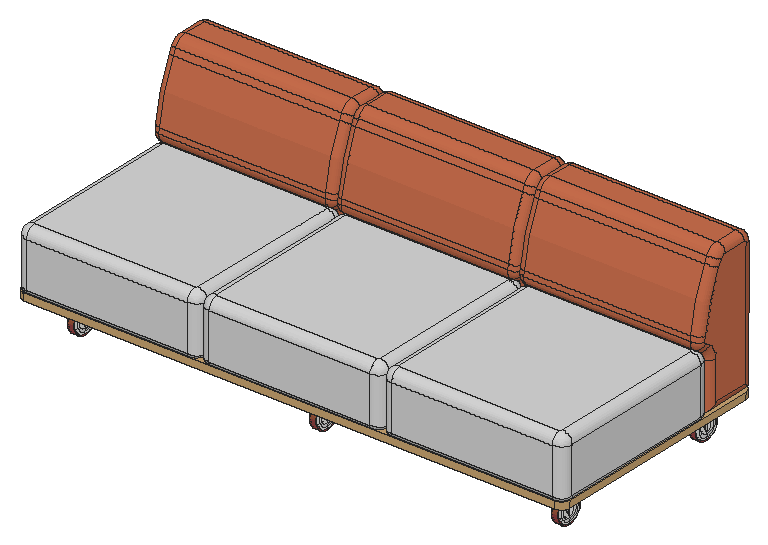
Revit family "DBLTD_TheSenatorGroup_OffcChrs_Mayze_Motion_US", category Furniture, Revit 2019
Family settings
  Work Plane-Based = No
  Always vertical = Yes
  Cut with Voids When Loaded = No
  Shared = Yes
  Room Calculation Point = No
Parameters (values of type "3 Seater Sofa")
  WoodStains = "n/a"
  WarrantyStartDate [instance] = "1900-12-31T23:59:59"
  WarrantyGuarantorParts = "sales@allermuir.com"
  WarrantyGuarantorLabor = "sales@allermuir.com"
  WarrantyDurationUnit = "year"
  WarrantyDurationParts = "5"
  WarrantyDurationLabor = "5"
  WarrantyDescription = "Allermuir warrants that its manufactured products are free from manufacturing defects - in materials or workmanship - for a period of five (5) years.\r\nAllermuir will repair, or replace (at Allermuir’s sole discretion) with comparable free of charge materials/ components, any product/ component which fails under normal use in a single shift environment, as a result of a defect in the materials and/or workmanship.\r\n\r\nExceptions -\r\nNon-standard product - 2 years\r\nScreen-mounted Accessories/ Dry-wipe Boards - 2 years\r\nElectrical and/or electronic componentry - 2 years\r\n\r\nExclusions - Allermuir does not warrant:\r\nFailure due to normal “Wear and Tear”.\r\nNatural variations in appearance of wood - its grain, figure and colour.\r\nChanges in surface appearance resulting from exposure to light, and the natural ageing process of wood.\r\nChanges in surface appearance resulting from the misuse of cleaning materials and methods/ damage form sharp objects/ imprinting from writing implements.\r\nNatural variations in Leather - its marks, scars and wrinkles.\r\nProduct stored/ exposed to extreme operational conditions.\r\nConsumable components such as Fuses/ Lights/ lamps/ transformers/etc.\r\nOther Manufacturer’s product supplied by Allermuir (their own warranty shall apply where possible).\r\nNon-standard fabrics/ finishes or veneers used. Allermuir only checks the manufacturing quality of Customer’s\r\nOwn Material (COM) and provides no warranty for the finish/ fabric itself.\r\nProduct which has not been installed/ moved/ reconfigured by Allermuir approved personnel.\r\nAllermuir shall be under no liability whatsoever for any consequential damage, loss or other expenses whether arising out of contract, negligence or otherwise."
  Version = "1"  # constant formula
  Uniclass2015Version = "Products v1.15"
  Uniclass2015Title = "Office chairs"
  Uniclass2015Code = "Pr_40_50_12_57"
  URL = "https://www.thesenatorgroup.com/"
  Type Comments = "3 Seater Sofa"
  TagNumber [instance] = "n/a"
  SustainabilityPerformance = "n/a"
  Style = "Chair"
  Status = "UNSET"
  Size = "27.75\" (h) x 79.75\" (w) x 34.5\" (d)"
  Shape = "n/a"
  SerialNumber [instance] = "n/a"
  SeatingHeight = 388 mm
  SeatingBackCushionMaterial [instance] = TheSenatorGroup_Fabric_Orange
  SeatWidth = "79.75\""
  SeatOffet = 675 mm
  SeatMaterial [instance] = TheSenatorGroup_Fabric_Grey
  SeatFrameMaterial = TheSenatorGroup_Plywood_ClearFinish
  SeatDepth = "26.5\""
  Seat2Offset = 0 mm
  Revision = "n/a"
  ReplacementCost = "n/a"
  Reference = "n/a"
  ProductInformation = ""
  PlasticAndMetalFinish = "n/a"
  NominalWidth = 2025 mm
  NominalLength = 2025 mm
  NominalHeight = 705 mm  # constant formula
  NominalDepth = 875 mm  # constant formula
  Name = "OfficeChairs_Mayze_Motion_TheSenatorGroup"
  NBSReference = "45-35-20/330"
  NBSDescription = "Office chairs"
  NBSCertification = ""
  ModelReference = "3 Seater Sofa"
  ModelNumber = "MZE300C"
  Model = "MZE300C"
  Material = "Traditional carcass construction with tensioned seat support. 1\" Plywood Base."
  ManufacturerURL = "https://www.thesenatorgroup.com/"
  ManufacturerName = "The Senator Group"  # constant formula
  Manufacturer = "The Senator Group"
  MainColor = "n/a"
  LowestSeatingHeight = 0 mm
  Keynote = "Pr_40_50_12_57"
  IsBuiltIn = no
  Is3Seater = yes
  Is2Seater = yes
  InstallationDate [instance] = "1900-12-31T23:59:59"
  IfcExportType = "CHAIR"  # constant formula
  IfcExportAs = "IfcFurnitureType"  # constant formula
  HighestSeatingHeight = 0 mm
  Grade = "n/a"
  FrameFinish = "n/a"
  Finish = "Seat and Back Upholstered"
  Features = "The Mayze seating collection has gone mobile, available as single, two and three seats on castors. Engineered for commercial and public spaces that require flexibility."
  ExpectedLife = "5"
  DurationUnit = "year"
  Description = "3 Seater Sofa"
  Cost = 0
  Constituents = "n/a"
  Color = "Defined by Material Specified"
  CodePerformance = "n/a"
  Category = "Pr_40_50_12_57:Office chairs"
  BarCode [instance] = "n/a"
  BIMObjectName = "DBLTD_TheSenatorGroup_OfficeChairs_Mayze_Motion"
  Author = "Diane Butterworth Ltd"  # constant formula
  AssetType = "Movable"
  AssetIdentifier [instance] = "n/a"
  Assembly Code = "E2020200"
  AccessibilityPerformance = "n/a"
Types (4, lengths in mm): name | Type Comments | Size | SeatWidth | SeatOffet | Seat2Offset | NominalWidth | NominalLength | ModelReference | ModelNumber | Model | Is3Seater | Is2Seater | Description
  (no name) | "3 Seater Sofa" | "27.75\" (h) x 79.75\" (w) x 34.5\" (d)" | "79.75\"" | 675 | 0 | 2025 | 2025 | "3 Seater Sofa" | "MZE300C" | "MZE300C" | yes | yes | "3 Seater Sofa"
  Single Seater Sofa | "Single Seater Sofa" | "27.75\" (h) x 26.5\" (w) x 34.5\" (d)" | "26.5\"" | 0 | 0 | 675 | 675 | "Single Seater Sofa" | "MZE100C" | "MZE100C" | no | no | "Single Seater Sofa"
  2 Seater Sofa | "2 Seater Sofa" | "27.75\" (h) x 52.25\" (w) x 34.5\" (d)" | "52.25\"" | 337.5 | 337.5 | 1350 | 1350 | "2 Seater Sofa" | "MZE200C" | "MZE200C" | no | yes | "2 Seater Sofa"
  3 Seater Sofa | "3 Seater Sofa" | "27.75\" (h) x 79.75\" (w) x 34.5\" (d)" | "79.75\"" | 675 | 0 | 2025 | 2025 | "3 Seater Sofa" | "MZE300C" | "MZE300C" | yes | yes | "3 Seater Sofa"
Reference planes
  plane 1 "Center (Front/Back)": y = 0
  plane 2: z = 0
  plane 3 "Center (Left/Right)": x = 0
  plane 4 "Left": x = -1012.5
  plane 5 "Right": x = 1012.5
  plane 6 "Back": y = 437.5
  plane 7 "Front": y = -437.5
  plane 8: z = 171.966
  plane 9: z = 148
Forms (mm)
  Extrusion 1, solid, material "TheSenatorGroup_Plywood_ClearFinish" <- "SeatFrameMaterial"
    sketch origin (0, 0, 0) x (1, 0, 0) y (0, 1, 0)
      loop
        arc (-982.5, 437.5) -> (-1003.713, 428.713) -> (-1012.5, 407.5) r 30
        line (-1012.5, 407.5) -> (-1012.5, -407.5)
        arc (-1012.5, -407.5) -> (-1003.713, -428.713) -> (-982.5, -437.5) r 30
        line (-982.5, -437.5) -> (982.5, -437.5)
        arc (982.5, -437.5) -> (1003.713, -428.713) -> (1012.5, -407.5) r 30
        line (1012.5, -407.5) -> (1012.5, 407.5)
        arc (1012.5, 407.5) -> (1003.713, 428.713) -> (982.5, 437.5) r 30
        line (982.5, 437.5) -> (-982.5, 437.5)
    from 148 to 172
Dimensions and locks
  equal spacing: plane 4 "Left", plane 3 "Center (Left/Right)", plane 5 "Right"
  "NominalWidth": plane 4 "Left" to plane 5 "Right"
  equal spacing: plane 7 "Front", plane 1 "Center (Front/Back)", plane 6 "Back"
  "NominalDepth": plane 7 "Front" to plane 6 "Back"
  "SeatOffet": nested 2 to plane 3 "Center (Left/Right)"
  "Seat2Offset": plane 3 "Center (Left/Right)" to nested 4
  locked: nested 4 to nested 6 at 675
  aligned and locked: level to plane 2
  aligned and locked: nested 1 to plane 7 "Front"
  aligned and locked: plane 6 "Back" to nested 2
  aligned and locked: Extrusion 1 sketch curve to plane 6 "Back"
  aligned and locked: plane 4 "Left" to Extrusion 1 sketch curve
  aligned and locked: Extrusion 1 sketch curve to plane 7 "Front"
  aligned and locked: plane 5 "Right" to Extrusion 1 sketch curve
  aligned and locked: nested 1 to nested 2
  aligned and locked: nested 3 to nested 4
  aligned and locked: nested 5 to nested 6
  aligned and locked: plane 4 "Left" to nested 7
  aligned and locked: plane 5 "Right" to nested 8
  aligned and locked: plane 4 "Left" to nested 9
  aligned and locked: plane 5 "Right" to nested 10
  aligned and locked: plane 3 "Center (Left/Right)" to nested 12
  aligned and locked: plane 3 "Center (Left/Right)" to nested 11
Automatic sketch dimensions
  plane 4 "Left" to Extrusion 1 sketch curve = 30 mm  (x2)
  plane 5 "Right" to Extrusion 1 sketch curve = 30 mm  (x2)
Nested families
  nested 1: "DBLTD_TheSenatorGroup_OffcChrs_Mayze_Motion_SeatCushion" at (-675, -100, 0), SeatingSeatCushionMaterial <- "SeatMaterial", type "Seat Cushion"
    with SeatingSeatCushionMaterial TheSenatorGroup_Fabric_Grey
  nested 2: "DBLTD_TheSenatorGroup_OffcChrs_Mayze_Motion_BackCushion" at (-675, 12.5, 0), SeatingBackCushionMaterial <- "SeatingBackCushionMaterial", type "Corner Left"
    with SeatingBackCushionMaterial TheSenatorGroup_Fabric_Orange
  nested 3: "DBLTD_TheSenatorGroup_OffcChrs_Mayze_Motion_SeatCushion" at (0, -100, 0), SeatingSeatCushionMaterial <- "SeatMaterial", visible <- "Is2Seater", type "Seat Cushion"
    with SeatingSeatCushionMaterial TheSenatorGroup_Fabric_Grey
  nested 4: "DBLTD_TheSenatorGroup_OffcChrs_Mayze_Motion_BackCushion" at (0, 12.5, 0), SeatingBackCushionMaterial <- "SeatingBackCushionMaterial", visible <- "Is2Seater", type "Corner Left"
    with SeatingBackCushionMaterial TheSenatorGroup_Fabric_Orange
  nested 5: "DBLTD_TheSenatorGroup_OffcChrs_Mayze_Motion_SeatCushion" at (675, -100, 0), SeatingSeatCushionMaterial <- "SeatMaterial", visible <- "Is3Seater", type "Seat Cushion"
    with SeatingSeatCushionMaterial TheSenatorGroup_Fabric_Grey
  nested 6: "DBLTD_TheSenatorGroup_OffcChrs_Mayze_Motion_BackCushion" at (675, 12.5, 0), SeatingBackCushionMaterial <- "SeatingBackCushionMaterial", visible <- "Is3Seater", type "Corner Left"
    with SeatingBackCushionMaterial TheSenatorGroup_Fabric_Orange
  nested 7: "DBLTD_TheSenatorGroup_OffcChrs_Mayze_Motion_Castor" at (-895.5, -318.475, 0), type "DBLTD_TheSenatorGroup_OffcChrs_Mayze_Motion_Castor"
  nested 8: "DBLTD_TheSenatorGroup_OffcChrs_Mayze_Motion_Castor" at (895.5, -318.475, 0), type "DBLTD_TheSenatorGroup_OffcChrs_Mayze_Motion_Castor"
  nested 9: "DBLTD_TheSenatorGroup_OffcChrs_Mayze_Motion_Castor" at (-895.5, 316.412, 0), type "DBLTD_TheSenatorGroup_OffcChrs_Mayze_Motion_Castor"
  nested 10: "DBLTD_TheSenatorGroup_OffcChrs_Mayze_Motion_Castor" at (895.5, 316.412, 0), type "DBLTD_TheSenatorGroup_OffcChrs_Mayze_Motion_Castor"
  nested 11: "DBLTD_TheSenatorGroup_OffcChrs_Mayze_Motion_Castor" at (0, -318.475, 0), visible <- "Is3Seater", type "DBLTD_TheSenatorGroup_OffcChrs_Mayze_Motion_Castor"
  nested 12: "DBLTD_TheSenatorGroup_OffcChrs_Mayze_Motion_Castor" at (0, 316.412, 0), visible <- "Is3Seater", type "DBLTD_TheSenatorGroup_OffcChrs_Mayze_Motion_Castor"
Definition of nested family "DBLTD_TheSenatorGroup_OffcChrs_Mayze_Motion_SeatCushion"
  Parameters (values of type "Seat Cushion")
    SeatingSeatCushionMaterial [instance] = none
    Manufacturer = ""
    Description = ""
  Reference planes
    plane 1 "Center (Front/Back)": y = 0
    plane 2: z = 0
    plane 3 "Center (Left/Right)": x = 0
    plane 4 "Top": z = 860
    plane 5: z = 420
    plane 6: x = -337.5
    plane 7: x = 337.5
    plane 8: y = 337.5
    plane 9: y = -337.5
    plane 10: z = 172
  Forms (mm)
    Extrusion 1, solid, material <- "SeatingSeatCushionMaterial"
      sketch origin (0, 0, 0) x (1, 0, 0) y (0, 1, 0)
        loop
          arc (-297.5, 337.5) -> (-325.784, 325.784) -> (-337.5, 297.5) r 40
          line (-337.5, 297.5) -> (-337.5, -297.5)
          arc (-337.5, -297.5) -> (-325.784, -325.784) -> (-297.5, -337.5) r 40
          line (-297.5, -337.5) -> (297.5, -337.5)
          arc (297.5, -337.5) -> (325.784, -325.784) -> (337.5, -297.5) r 40
          line (337.5, -297.5) -> (337.5, 297.5)
          arc (337.5, 297.5) -> (325.784, 325.784) -> (297.5, 337.5) r 40
          line (297.5, 337.5) -> (-297.5, 337.5)
      from 172 to 388.327
    Sweep 2, void
      path in 3D
        loop
          arc (297.5, -337.5, 388.327) -> (325.784, -325.784, 388.327) -> (337.5, -297.5, 388.327) r 40
          line (337.5, -297.5, 388.327) -> (337.5, 297.5, 388.327)
          arc (337.5, 297.5, 388.327) -> (325.784, 325.784, 388.327) -> (297.5, 337.5, 388.327) r 40
          line (297.5, 337.5, 388.327) -> (-297.5, 337.5, 388.327)
          arc (-297.5, 337.5, 388.327) -> (-325.784, 325.784, 388.327) -> (-337.5, 297.5, 388.327) r 40
          line (-337.5, 297.5, 388.327) -> (-337.5, -297.5, 388.327)
          arc (-337.5, -297.5, 388.327) -> (-325.784, -325.784, 388.327) -> (-297.5, -337.5, 388.327) r 40
          line (-297.5, -337.5, 388.327) -> (297.5, -337.5, 388.327)
      profile origin (0, -337.5, 388.327) x (0, 1, 0) y (0, 0, 1)
        loop
          line (0, 0) -> (0, -35)
          arc (0, -35) -> (10.251, -10.251) -> (35, 0) r 35
          line (35, 0) -> (0, 0)
        loop
          line (0, -216.327) -> (10, -216.327)
          arc (10, -216.327) -> (2.929, -213.398) -> (0, -206.327) r 10
          line (0, -206.327) -> (0, -216.327)
  Cuts and joins
    Sweep 2 cuts Extrusion 1
  Lines and regions (mm)
    sketch lines
      curve 1: line (-297.5, -337.5, 388.327) -> (297.5, -337.5, 388.327)
      curve 2: line (-337.5, 297.5, 388.327) -> (-337.5, -297.5, 388.327)
      curve 3: arc (-337.5, 297.5, 388.327) -> (-325.784, 325.784, 388.327) -> (-297.5, 337.5, 388.327) r 40
      curve 4: line (297.5, 337.5, 388.327) -> (-297.5, 337.5, 388.327)
      curve 5: arc (297.5, 337.5, 388.327) -> (325.784, 325.784, 388.327) -> (337.5, 297.5, 388.327) r 40
      curve 6: line (337.5, -297.5, 388.327) -> (337.5, 297.5, 388.327)
      curve 7: arc (337.5, -297.5, 388.327) -> (325.784, -325.784, 388.327) -> (297.5, -337.5, 388.327) r 40
      curve 8: arc (-297.5, -337.5, 388.327) -> (-325.784, -325.784, 388.327) -> (-337.5, -297.5, 388.327) r 40
  Dimensions and locks
    equal spacing: plane 6, plane 3 "Center (Left/Right)", plane 7
    plane 6 to plane 7 = 675 mm
    equal spacing: plane 8, plane 1 "Center (Front/Back)", plane 9
    plane 8 to plane 9 = 675 mm
    plane 10 to level = 172 mm
    aligned and locked: level to plane 2
    aligned and locked: plane 6 to Extrusion 1 sketch curve
    aligned and locked: plane 7 to Extrusion 1 sketch curve
    aligned and locked: Extrusion 1 sketch curve to plane 8
    aligned and locked: plane 9 to Extrusion 1 sketch curve
  Automatic sketch dimensions
    plane 6 to Extrusion 1 sketch curve = 40 mm  (x2)
    plane 7 to Extrusion 1 sketch curve = 40 mm  (x2)
    Sweep 2 sketch curve to profile plane = 0 mm  (x3)
    Sweep 2 sketch curve to profile plane = 10 mm
    Sweep 2 sketch curve to profile plane = 35 mm
    Sweep 2 sketch curve to Sweep 2 sketch curve = 171.327 mm
Definition of nested family "DBLTD_TheSenatorGroup_OffcChrs_Mayze_Motion_BackCushion"
  Parameters (values of type "Corner Left")
    SeatingBackCushionMaterial [instance] = none
    Manufacturer = ""
    Description = ""
  Reference planes
    plane 1 "Center (Front/Back)": y = 0
    plane 2: z = 0
    plane 3 "Center (Left/Right)": x = 0
    plane 4 "Top": z = 860
    plane 5: z = 420
    plane 6: x = 337.5
    plane 7: x = -337.5
    plane 8: y = 425
    plane 9: z = 172
  Forms (mm)
    Extrusion 1, solid, material <- "SeatingBackCushionMaterial"
      sketch origin (0, -367.738, 0) x (0, 1, 0) y (0, 0, 1)
        loop
          arc (792.738, 665.748) -> (781.022, 694.033) -> (752.738, 705.748) r 40
          line (752.738, 705.748) -> (664.518, 705.748)
          arc (664.518, 705.748) -> (638.022, 698.151) -> (619.578, 677.667) r 50
          line (619.578, 677.667) -> (609.234, 656.459)
          arc (609.234, 656.459) -> (568.874, 553.707) -> (545.292, 445.861) r 695
          line (545.292, 445.861) -> (542.647, 426.498)
          arc (542.647, 426.498) -> (545.255, 407.743) -> (557.25, 393.091) r 35
          line (557.25, 393.091) -> (575.443, 380.351)
          arc (575.443, 380.351) -> (587.98, 366.055) -> (592.5, 347.585) r 40
          line (592.5, 347.585) -> (592.5, 172) -> (792.738, 172) -> (792.738, 665.748)
      from -337.5 to 337.5
    Sweep 2, void
      path in 3D
        loop
          line (-337.5, 425, 172) -> (-337.5, 224.762, 172) -> (-337.5, 224.762, 347.585)
          arc (-337.5, 224.762, 347.585) -> (-337.5, 220.242, 366.055) -> (-337.5, 207.705, 380.351) r 40
          line (-337.5, 207.705, 380.351) -> (-337.5, 189.512, 393.091)
          arc (-337.5, 189.512, 393.091) -> (-337.5, 177.517, 407.743) -> (-337.5, 174.909, 426.498) r 35
          line (-337.5, 174.909, 426.498) -> (-337.5, 177.554, 445.861)
          arc (-337.5, 177.554, 445.861) -> (-337.5, 201.136, 553.707) -> (-337.5, 241.496, 656.459) r 695
          line (-337.5, 241.496, 656.459) -> (-337.5, 251.84, 677.667)
          arc (-337.5, 251.84, 677.667) -> (-337.5, 270.284, 698.151) -> (-337.5, 296.78, 705.748) r 50
          line (-337.5, 296.78, 705.748) -> (-337.5, 385, 705.748)
          arc (-337.5, 385, 705.748) -> (-337.5, 413.284, 694.033) -> (-337.5, 425, 665.748) r 40
          line (-337.5, 425, 665.748) -> (-337.5, 425, 172)
      profile origin (-337.5, 425, 418.874) x (-1, 0, 0) y (0, -1, 0)
        loop
          line (0, 0) -> (0, 30)
          arc (0, 30) -> (-8.787, 8.787) -> (-30, 0) r 30
          line (-30, 0) -> (0, 0)
    Sweep 3, void
      path in 3D
        loop
          arc (337.5, 425, 665.748) -> (337.5, 413.284, 694.033) -> (337.5, 385, 705.748) r 40
          line (337.5, 385, 705.748) -> (337.5, 296.78, 705.748)
          arc (337.5, 296.78, 705.748) -> (337.5, 270.284, 698.151) -> (337.5, 251.84, 677.667) r 50
          line (337.5, 251.84, 677.667) -> (337.5, 241.496, 656.459)
          arc (337.5, 241.496, 656.459) -> (337.5, 201.136, 553.707) -> (337.5, 177.554, 445.861) r 695
          line (337.5, 177.554, 445.861) -> (337.5, 174.909, 426.498)
          arc (337.5, 174.909, 426.498) -> (337.5, 177.517, 407.743) -> (337.5, 189.512, 393.091) r 35
          line (337.5, 189.512, 393.091) -> (337.5, 207.705, 380.351)
          arc (337.5, 207.705, 380.351) -> (337.5, 220.242, 366.055) -> (337.5, 224.762, 347.585) r 40
          line (337.5, 224.762, 347.585) -> (337.5, 224.762, 172) -> (337.5, 425, 172) -> (337.5, 425, 665.748)
      profile origin (337.5, 425, 418.874) x (0, -1, 0) y (1, 0, 0)
        loop
          line (0, 0) -> (0, -30)
          arc (0, -30) -> (8.787, -8.787) -> (30, 0) r 30
          line (30, 0) -> (0, 0)
  Cuts and joins
    Sweep 2, Sweep 3 cuts Extrusion 1
  Lines and regions (mm)
    sketch lines
      curve 1: line (-337.5, 425, 665.748) -> (-337.5, 425, 172)
      curve 2: arc (-337.5, 425, 665.748) -> (-337.5, 413.284, 694.033) -> (-337.5, 385, 705.748) r 40
      curve 3: line (-337.5, 296.78, 705.748) -> (-337.5, 385, 705.748)
      curve 4: arc (-337.5, 296.78, 705.748) -> (-337.5, 270.284, 698.151) -> (-337.5, 251.84, 677.667) r 50
      curve 5: arc (-337.5, 241.496, 656.459) -> (-337.5, 201.136, 553.707) -> (-337.5, 177.554, 445.861) r 695
      curve 6: line (-337.5, 241.496, 656.459) -> (-337.5, 251.84, 677.667)
      curve 7: arc (-337.5, 174.909, 426.498) -> (-337.5, 177.517, 407.743) -> (-337.5, 189.512, 393.091) r 35
      curve 8: line (-337.5, 174.909, 426.498) -> (-337.5, 177.554, 445.861)
      curve 9: line (-337.5, 207.705, 380.351) -> (-337.5, 189.512, 393.091)
      curve 10: arc (-337.5, 207.705, 380.351) -> (-337.5, 220.242, 366.055) -> (-337.5, 224.762, 347.585) r 40
      curve 11: line (-337.5, 224.762, 172) -> (-337.5, 224.762, 347.585)
      curve 12: line (-337.5, 425, 172) -> (-337.5, 224.762, 172)
      curve 13: line (337.5, 425, 172) -> (337.5, 425, 665.748)
      curve 14: arc (337.5, 385, 705.748) -> (337.5, 413.284, 694.033) -> (337.5, 425, 665.748) r 40
      curve 15: line (337.5, 385, 705.748) -> (337.5, 296.78, 705.748)
      curve 16: arc (337.5, 251.84, 677.667) -> (337.5, 270.284, 698.151) -> (337.5, 296.78, 705.748) r 50
      curve 17: arc (337.5, 177.554, 445.861) -> (337.5, 201.136, 553.707) -> (337.5, 241.496, 656.459) r 695
      curve 18: line (337.5, 251.84, 677.667) -> (337.5, 241.496, 656.459)
      curve 19: line (337.5, 177.554, 445.861) -> (337.5, 174.909, 426.498)
      curve 20: line (337.5, 189.512, 393.091) -> (337.5, 207.705, 380.351)
      curve 21: arc (337.5, 189.512, 393.091) -> (337.5, 177.517, 407.743) -> (337.5, 174.909, 426.498) r 35
      curve 22: arc (337.5, 224.762, 347.585) -> (337.5, 220.242, 366.055) -> (337.5, 207.705, 380.351) r 40
      curve 23: line (337.5, 224.762, 347.585) -> (337.5, 224.762, 172)
      curve 24: line (337.5, 224.762, 172) -> (337.5, 425, 172)
  Dimensions and locks
    plane 9 to plane 2 = 172 mm
    equal spacing: plane 7, plane 3 "Center (Left/Right)", plane 6
    plane 7 to plane 6 = 675 mm
    aligned and locked: level to plane 2
    aligned and locked: Extrusion 1 to plane 7
    aligned and locked: plane 6 to Extrusion 1
  Automatic sketch dimensions
    Extrusion 1 sketch curve to plane 9 = 0 mm
    Extrusion 1 sketch curve to plane 8 = 0 mm
    Extrusion 1 sketch curve to plane 8 = 40 mm
    Extrusion 1 sketch curve to Extrusion 1 sketch curve = 88.22 mm
    Extrusion 1 sketch curve to Extrusion 1 sketch curve = 44.94 mm
    Extrusion 1 sketch curve to Extrusion 1 sketch curve = 10.344 mm
    Extrusion 1 sketch curve to plane 8 = 200.238 mm
    plane 5 to Extrusion 1 sketch curve = 1.761 mm
    Extrusion 1 sketch curve to Extrusion 1 sketch curve = 15.175 mm
    Extrusion 1 sketch curve to plane 5 = 39.649 mm
    Extrusion 1 sketch curve to Extrusion 1 sketch curve = 17.057 mm
    Extrusion 1 sketch curve to plane 5 = 26.909 mm
    Extrusion 1 sketch curve to Extrusion 1 sketch curve = 18.193 mm
    Extrusion 1 sketch curve to Extrusion 1 sketch curve = 40 mm
    plane 5 to Extrusion 1 sketch curve = 25.861 mm
    Extrusion 1 sketch curve to Extrusion 1 sketch curve = 32.033 mm
    plane 5 to Extrusion 1 sketch curve = 6.498 mm
    Extrusion 1 sketch curve to plane 5 = 68.209 mm
    plane 8 to Extrusion 1 sketch curve = 441.158 mm
    Extrusion 1 sketch curve to Extrusion 1 sketch curve = 0.711 mm
    Extrusion 1 sketch curve to Extrusion 1 sketch curve = 10 mm
    Sweep 2 sketch curve to profile plane = 0 mm  (x2)
    Sweep 2 sketch curve to Sweep 2 sketch curve = 30 mm
    Sweep 3 sketch curve to profile plane = 0 mm  (x2)
    Sweep 3 sketch curve to Sweep 3 sketch curve = 30 mm
Definition of nested family "DBLTD_TheSenatorGroup_OffcChrs_Mayze_Motion_Castor"
  Reference planes
    plane 1 "Center (Front/Back)": y = 0
    plane 2: z = 0
    plane 3 "Center (Left/Right)": x = 0
    plane 4: z = 80
    plane 5: z = 148
    plane 6: z = 131.289
    plane 7: x = -117
    plane 8: x = 117
  Forms (mm)
    Extrusion 1, solid
      sketch origin (9.5, 0, 0) x (0, 0, 1) y (0, -1, 0)
        loop
          line (119.995, -123.91) -> (119.995, -117.747) -> (111.137, -109.126) -> (117.871, -26.109) -> (117.871, 14.477) -> (108.715, 14.477) -> (96.903, -56.575) -> (102.589, -103.95) -> (117.95, -119.311) -> (117.95, -123.91) -> (119.995, -123.91)
      from -26.63 to 7.63
    Extrusion 2, solid
      sketch origin (0, 0, 68.8) x (0, 1, 0) y (-1, 0, 0)
        loop
          arc (48.835, 36.865) -> (48.249, 38.28) -> (46.835, 38.865) r 2
          line (46.835, 38.865) -> (-46.835, 38.865)
          arc (-46.835, 38.865) -> (-48.249, 38.28) -> (-48.835, 36.865) r 2
          line (-48.835, 36.865) -> (-48.835, -36.804)
          arc (-48.835, -36.804) -> (-48.249, -38.219) -> (-46.835, -38.804) r 2
          line (-46.835, -38.804) -> (46.835, -38.804)
          arc (46.835, -38.804) -> (48.249, -38.219) -> (48.835, -36.804) r 2
          line (48.835, -36.804) -> (48.835, 36.865)
      from 74.044 to 79.2
    Revolve 3, solid
      sketch origin (0, 0, 0) x (0, 0, 1) y (0, -1, 0)
        loop
          line (142.844, 0) -> (117.871, 0) -> (117.871, -13.635) -> (124.836, -13.635) -> (124.836, -30) -> (131.289, -30) -> (131.289, -13.635) -> (137, -13.635) -> (137, -41.695) -> (142.844, -41.695) -> (142.844, 0)
        axis (117.871, 0) -> (142.844, 0)
      angle from 0 to 360
    Extrusion 4, solid
      sketch origin (0, 36.254, 68.8) x (0, -1, 0) y (1, 0, 0)
        loop
          line (17.05, 23.671) -> (3.639, 17.13) -> (-15, 17.13) -> (-15, 15.13) -> (4.101, 15.13) -> (18.118, 21.967)
          arc (18.118, 21.967) -> (63.481, 0) -> (18.118, -21.967) r 28
          line (18.118, -21.967) -> (4.101, -15.13) -> (-15, -15.13) -> (-15, -17.13) -> (3.639, -17.13) -> (17.051, -23.671)
          arc (17.051, -23.671) -> (65.481, 0) -> (17.05, 23.671) r 30
      from -68.8 to 53.963
    Extrusion 5, void
      sketch origin (9.5, 35, 19) x (0, 0, 1) y (0, -1, 0)
        loop
          arc (18.534, 5.305) -> (15.492, -6.05) -> (25.351, -12.453) r 10
          line (25.351, -12.453) -> (97.446, -8.674) -> (98.871, 8.891) -> (98.871, 70.361) -> (18.534, 5.305)
        loop
          line (107.333, 75) -> (-19, 75) -> (-19, -25) -> (107.333, -25) -> (107.333, 75)
      from -118.066 to 47.38
    Revolve 6, solid
      sketch origin (-73.124, 38.5, 12.702) x (1, 0, 0) y (0, 0, 1)
        loop
          arc (86.303, 85.387) -> (85.731, 86.768) -> (84.35, 87.34) r 1.953
          line (84.35, 87.34) -> (61.897, 87.34)
          arc (61.897, 87.34) -> (60.517, 86.768) -> (59.945, 85.387) r 1.953
          line (59.945, 85.387) -> (59.945, 75.673) -> (57.994, 65.637) -> (57.994, 39.798) -> (88.254, 39.798) -> (88.254, 65.637) -> (86.303, 75.673) -> (86.303, 85.387)
        axis (57.994, 37.298) -> (88.254, 37.298)
      angle from 0 to 360
  Cuts and joins
    Extrusion 5 cuts Extrusion 4
  Lines and regions (mm)
    symbolic lines
      curve 1: line (9.5, 59.586, 50) -> (9.5, 14.586, 50)
      curve 2: line (9.5, 38.5, 71.086) -> (9.5, 38.5, 28.914)
  Dimensions and locks
    plane 5 to level = 148 mm
    aligned and locked: level to plane 2
